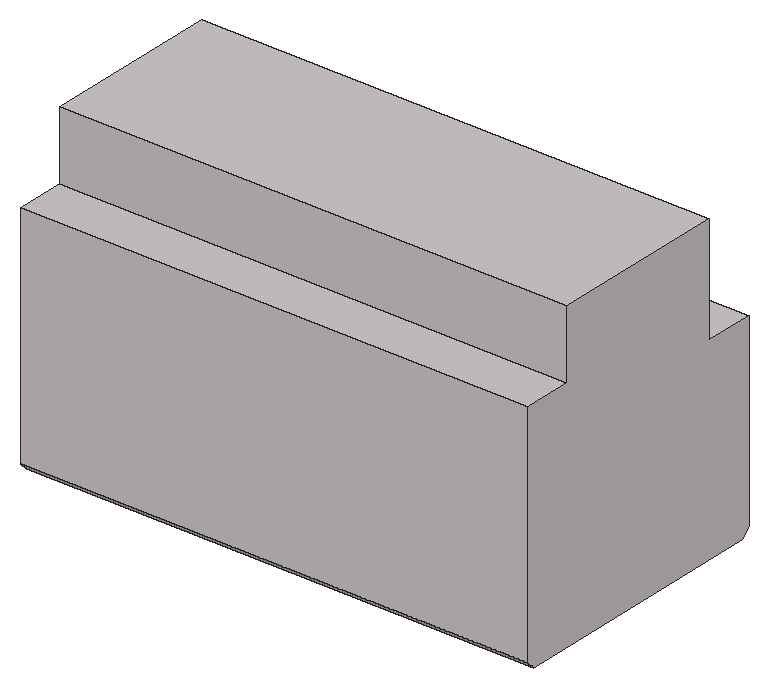
Revit family "034100 - Precast Structural Concrete - Inverted Tee", category Structural Framing, Revit 2019
Family settings
  Display in Hidden Views = Edges Hidden by Other Members
  Structural Framing Length Roundoff = 0' - 0 1/16"
  Section Shape = Not Defined
  Material for Model Behavior = Precast Concrete
  Always export as geometry = No
  Always vertical = Yes
  Cut with Voids When Loaded = No
  Symbolic Representation = From Family
  Shared = No
  Show family pre-cut in plan views = Yes
Parameters (values of type "IT 28IT32 (7"F & 11"B SHELF)")
  Structural Material = PRECAST INVERTED TEE
  OD_Attribution = "xcengineering.xyz, diocingenieria.com, openingdesign.com"
  Gap - Front/Back = 0' - 1"
  Front Shelf - Width = 0' - 5"
  Front Shelf - Height = 0' - 7"
  Back Shelf - Width = 0' - 5"
  Back Shelf - Height = 0' - 11"
  A = 2' - 4"
  B = 2' - 7"
  Assembly Code = ""
  Length [instance] = 4' - 11.05512"
Types (7): name | Front Shelf - Height | A | B
  IT 28IT32 (7"F & 11"B SHELF) | 0' - 7" | 2' - 4" | 2' - 7"
  IT 28IT32 (14"F & 11"B SHELF) | 1' - 2" | 2' - 4" | 2' - 7"
  IT 24IT36 (18"F & 11"B SHELF) | 1' - 6" | 2' - 0" | 2' - 11"
  IT 28IT32 (11"F & 11"B SHELF) | 0' - 11" | 2' - 4" | 2' - 7"
  IT 24IT32 (14"F & 11"B SHELF) | 1' - 2" | 2' - 0" | 2' - 7"
  IT 24IT36 (11"F & 11"B SHELF) | 0' - 11" | 2' - 0" | 2' - 11"
  PRECAST BEAM AT SOUTH WALL | 0' - 0 1/16" | 1' - 0" | 2' - 7"
Reference planes (in)
  plane 1 "Centro (Frontal/Posterior)": y = 0
  plane 2: z = 0
  plane 3 "Centro (Izquierda/Derecha)": x = 0
  plane 4 "Izquierda de elemento": x = -25.74878
  plane 5 "Derecha de elemento": x = 25.74878
  plane 6 "Izquierda": x = -29.68579
  plane 7 "Derecha": x = 29.36933
  plane 8: z = 15.5
  plane 9: y = -14
  plane 10: y = 14
  plane 11: z = -15.5
  plane 12 "front shelf": z = 8.5
  plane 13: y = -9
  plane 14: y = 9
  plane 15: z = -14.7126
  plane 16: y = -13.2126
  plane 17: y = 13.2126
  plane 18 "back shelf": z = 4.5
  plane 19 "gap - back": y = 15
  plane 20 "gap - front": y = -15
Forms (in)
  Sweep 1, solid, material "PRECAST INVERTED TEE" <- "Structural Material"
    path origin (0, 14.72441, 0) x (1, 0, 0) y (0, 1, 0)
      loop
        line (-25.74878, -14.72441) -> (25.74878, -14.72441)
    profile origin (0, 0, 0) x (0, 1, 0) y (0, 0, 1)
      loop
        line (-9, 15.5) -> (-9, 8.5) -> (-14, 8.5) -> (-14, -14.7126) -> (-13.2126, -15.5) -> (13.2126, -15.5) -> (14, -14.7126) -> (14, 4.5) -> (9, 4.5) -> (9, 15.5) -> (-9, 15.5)
Dimensions and locks (in)
  "Length": plane 6 "Izquierda" to plane 7 "Derecha"
  locked: level to plane 2 at 0
  equal spacing: plane 10, plane 1 "Centro (Frontal/Posterior)", plane 9
  "A": plane 10 to plane 9
  equal spacing: plane 8, level, plane 11
  "B": plane 8 to plane 11
  "Front Shelf - Width": plane 9 to plane 13
  "Back Shelf - Width": plane 14 to plane 10
  "Front Shelf - Height": plane 8 to plane 12 "front shelf"
  locked: plane 15 to plane 11 at 0.7874
  locked: plane 9 to plane 16 at 0.7874
  locked: plane 17 to plane 10 at 0.7874
  "Back Shelf - Height": plane 8 to plane 18 "back shelf"
  "Gap - Front/Back": plane 10 to plane 19 "gap - back"
  "Gap - Front/Back": plane 20 "gap - front" to plane 9
  aligned and locked: plane 1 "Centro (Frontal/Posterior)" to Sweep 1 sketch curve
  aligned and locked: plane 4 "Izquierda de elemento" to Sweep 1 sketch curve
  aligned and locked: plane 5 "Derecha de elemento" to Sweep 1 sketch curve
  aligned and locked: plane 13 to Sweep 1 sketch curve
  aligned and locked: Sweep 1 sketch curve to plane 8
  aligned and locked: Sweep 1 sketch curve to plane 14
  aligned and locked: Sweep 1 sketch curve to plane 12 "front shelf"
  aligned and locked: Sweep 1 sketch curve to plane 9
  aligned and locked: plane 11 to Sweep 1 sketch curve
  aligned and locked: Sweep 1 sketch curve to Sweep 1 sketch curve  (x2)
  aligned and locked: plane 15 to Sweep 1 sketch curve
  aligned and locked: Sweep 1 sketch curve to plane 18 "back shelf"
  aligned and locked: plane 14 to Sweep 1 sketch curve
  aligned and locked: plane 10 to Sweep 1 sketch curve
Automatic sketch dimensions
  Sweep 1 sketch curve to plane 16 = 0' - 0"
  Sweep 1 sketch curve to plane 17 = 0' - 0"
  Sweep 1 sketch curve to plane 15 = 0' - 0"
